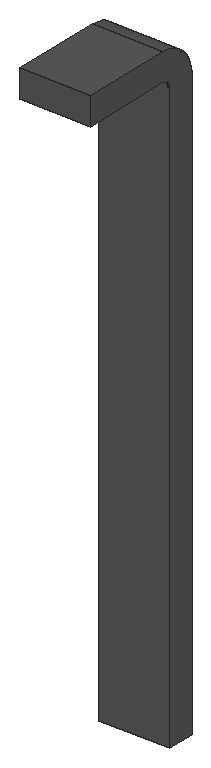
Revit family "0047812 Lighting Fixture_Sylvania_Velite-Electronic-L Range_Surface Mounted", category Lighting Fixtures, host Face, Revit 2017
Family settings
  Host = Face
  Round Connector Dimension = Use Diameter
  Part Type = Normal
  OmniClass Number = 23.80.70.11.17
  OmniClass Title = Specialized Lighting by Location or Use
  Cut with Voids When Loaded = No
  Light Source = Yes
  Shared = No
  Room Calculation Point = No
Parameters (values of type "VELITE L BOLLARD 0.8M BK 3000K")
  Width = 35.0 mm
  Length = Width + 55.0 mm  # 90.0 mm
  Weight = 2.07 kg
  Wattage = 8 W
  built-in parameter 1150110 = 1 (stored number, unit not read)
  Voltage Comments = "UNV (Universal Voltage; 230-240 Volt)"  # constant formula
  Voltage = 240 V  # constant formula
  URL = "http://www.feilosylvania.com/"
  built-in parameter 1114217 = 1 (stored number, unit not read)
  Tilt Angle = 90.00°
  built-in parameter 1150109 = 1 (stored number, unit not read)
  built-in parameter 1150134 = (empty or 0)
  Ta Rating = "-20°C to +45°C"  # constant formula
  built-in parameter 1150113 = 1 (stored number, unit not read)
  Product Page URL = "http://www.feilosylvania.com/product/en-int/products/0047812"
  Product Family = "Velite Electronic L Range"  # constant formula
  Photometry Comments = ""
  Photometric Web File = "0047812_VELITELBOLLARD0.8MBK3000K-209288.ies"
  built-in parameter 1150105 = 45.359 (stored number, unit not read)
  Lumens = 570 lm
  built-in parameter 1150115 = 1 (stored number, unit not read)
  built-in parameter 1150137 = (empty or 0)
  built-in parameter 1150139 = (empty or 0)
  Life = "25 000h"  # constant formula
  built-in parameter 1150112 = 1 (stored number, unit not read)
  built-in parameter 1150114 = 1 (stored number, unit not read)
  Lamp Comments = "Integrated LED"  # constant formula
  built-in parameter 1150132 = 2
  built-in parameter 1150102 = (empty or 0)
  built-in parameter 1150107 = 3000 (stored number, unit not read)
  built-in parameter 1150138 = (empty or 0)
  built-in parameter 1150106 = 0.45359 (stored number, unit not read)
  IP Rating = "IP54"  # constant formula
  IK Rating = "IK05"  # constant formula
  Energy Class = "A++ A+ A"  # constant formula
  Electrical Protection = "CLASS I"  # constant formula
  built-in parameter 1150104 = 6.6193 (stored number, unit not read)
  Drive Current = "300mA"
  Dimming Lamp Color Temperature Shift = <None>
  Color Filter = 16777215
  Catalog Number = "0047812 VELITE L BOLLARD 0.8M BK 3000K"
  Body Material = Aluminum_Sylvania_Velite_Black
  built-in parameter 1114218 = 1 (stored number, unit not read)
  built-in parameter 1150133 = 10 (stored number, unit not read)
  Height = 800.0 mm
  built-in parameter 1114216 [instance] = 1 (stored number, unit not read)
  Model = "VELITE L BOLLARD 0.8M BK 3000K"
  Manufacturer = "Feilo Sylvania"  # constant formula
  Lamp = "LED"
  Diffuser Material = Polycarbonate_Sylvania_Velite_Clear
  Description = "A range of sleek and stylish Outdoor LED luminaires.Velite is perfect for lighting courtyards, gardens and exterior entrances.Design  meets IK05 requirements.Available in various shapes, sizes and colours of die cast aluminium luminaires.Range includes bollards and various wall mounted direct and direct/indirect luminaires.High efficient thermal design: ta -20 to +45oC.High performance: delivers up to 830 lm (luminaire lumen output), and up to 71lm/W (total system efficiency).Available in warm white (3,000K).Energy class: A++, A+, A.Lifetime: 30,000 hours life at 70% of the original output L70."  # constant formula
  Default Elevation = 0.0 mm
  built-in parameter 1140040 [instance] = 1
  Assembly Code = "D5020200"
  Apparent Load Comments = ""
  Apparent Load = 8 VA
Reference planes
  plane 1 "Center (Front/Back)": y = 0
  plane 2 "Fixture Top": z = 0
  plane 3 "Center (Left/Right)": x = 0
  plane 4: x = 45
  plane 5: y = 17.5
  plane 6: x = -45
  plane 7: y = -17.5
  plane 8: x = -43
  plane 9: x = 43
  plane 10: y = 15.5
  plane 11: y = -15.5
  plane 12: z = 800
  plane 13: z = 765
  plane 14: y = -142.5
  plane 15: y = -140.5
  plane 16: z = 767
  plane 17: z = 798
  plane 18: z = 2
  plane 19: y = -79
Forms (mm)
  Extrusion 1, solid, material "Aluminum_Sylvania_Velite_Black" <- "Body Material", detail levels fine
    sketch origin (0, 0, 0) x (1, 0, 0) y (0, 1, 0)
      loop
        line (-43, -17.5) -> (43, -17.5) -> (43, -15.5) -> (-43, -15.5) -> (-43, -17.5)
    from 0 to 767
  Sweep 2, solid, material "Aluminum_Sylvania_Velite_Black" <- "Body Material", detail levels fine
    path origin (0, 0, 0) x (0, 1, 0) y (0, 0, 1)
      loop
        line (-17.5, 0) -> (-17.5, 755)
        arc (-17.5, 755) -> (-20.429, 762.071) -> (-27.5, 765) r 10
        line (-27.5, 765) -> (-140.5, 765)
    profile origin (0, -17.5, 377.5) x (0, -1, 0) y (1, 0, 0)
      loop
        line (-35, -45) -> (0, -45) -> (0, -43) -> (-33, -43) -> (-33, 43) -> (0, 43) -> (0, 45) -> (-35, 45) -> (-35, -45)
  Extrusion 3, solid, material "Aluminum_Sylvania_Velite_Black" <- "Body Material", detail levels fine
    sketch origin (0, 0, 0) x (1, 0, 0) y (0, 0, 1)
      loop
        line (-45, 800) -> (-45, 765) -> (45, 765) -> (45, 800) -> (-45, 800)
    from 140.5 to 142.5
  Extrusion 4, solid, material "Aluminum_Sylvania_Velite_Black" <- "Body Material", detail levels fine
    sketch origin (0, 0, 0) x (1, 0, 0) y (0, 1, 0)
      loop
        line (43, 15.5) -> (-43, 15.5) -> (-43, -15.5) -> (43, -15.5) -> (43, 15.5)
    from 0 to 2
  Extrusion 5, solid, material "Polycarbonate_Sylvania_Velite_Clear" <- "Diffuser Material", detail levels fine
    sketch origin (0, 0, 0) x (1, 0, 0) y (0, 1, 0)
      loop
        line (43, -17.5) -> (-43, -17.5) -> (-43, -140.5) -> (43, -140.5) -> (43, -17.5)
    from 765 to 767
  Extrusion 6, solid, material "Aluminum_Sylvania_Velite_Black" <- "Body Material", detail levels coarse+medium
    sketch origin (0, 0, 0) x (0, 1, 0) y (0, 0, 1)
      loop
        line (17.5, 0) -> (17.5, 800) -> (-142.5, 800) -> (-142.5, 765) -> (-17.5, 765) -> (-17.5, 0) -> (17.5, 0)
    from -45 to 45
Cuts and joins
  joined: Extrusion 1, Sweep 2, Extrusion 3, Extrusion 4
Dimensions and locks
  equal spacing: plane 6, plane 3 "Center (Left/Right)", plane 4
  "Length": plane 6 to plane 4
  equal spacing: plane 7, plane 1 "Center (Front/Back)", plane 5
  "Width": plane 5 to plane 7
  locked: plane 6 to plane 8 at 2
  locked: plane 9 to plane 4 at 2
  locked: plane 5 to plane 10 at 2
  locked: plane 7 to plane 11 at 2
  plane 5 to plane 14 = 160.0 mm
  plane 14 to plane 15 = 2.0 mm
  locked: plane 18 to plane 2 "Fixture Top" at 2
  "Height": plane 12 to plane 2 "Fixture Top"
  equal spacing: plane 7, plane 19, plane 15
  "Width": plane 12 to plane 13
  locked: plane 12 to plane 17 at 2
  plane 16 to imposter light = 2.0 mm
  locked: plane 16 to plane 13 at 2
  aligned and locked: host face to plane 2 "Fixture Top"
  aligned and locked: level to host face
  aligned and locked: Extrusion 1 sketch curve to plane 7
  aligned and locked: plane 11 to Extrusion 1 sketch curve
  aligned and locked: Extrusion 1 to plane 2 "Fixture Top"
  aligned and locked: plane 7 to Sweep 2 sketch curve
  aligned and locked: Sweep 2 sketch curve to plane 13
  aligned and locked: Sweep 2 sketch curve to plane 6
  aligned and locked: Sweep 2 sketch curve to plane 8
  aligned and locked: Sweep 2 sketch curve to plane 4
  aligned and locked: plane 9 to Sweep 2 sketch curve
  aligned and locked: Sweep 2 sketch curve to plane 5
  aligned and locked: Sweep 2 sketch curve to plane 7
  aligned and locked: plane 9 to Extrusion 1 sketch curve
  aligned and locked: Sweep 2 sketch curve to plane 10
  aligned and locked: Extrusion 3 sketch curve to plane 12
  aligned and locked: plane 6 to Extrusion 3 sketch curve
  aligned and locked: Extrusion 3 sketch curve to Sweep 2  (x2)
  aligned and locked: plane 15 to Sweep 2 sketch curve
  aligned and locked: Extrusion 3 to plane 15
  aligned and locked: plane 14 to Extrusion 3
  aligned and locked: plane 2 "Fixture Top" to Sweep 2 sketch curve
  aligned and locked: plane 10 to Extrusion 4 sketch curve
  aligned and locked: Extrusion 4 sketch curve to plane 9
  aligned and locked: plane 11 to Extrusion 4 sketch curve
  aligned and locked: Extrusion 4 sketch curve to plane 8
  aligned and locked: Extrusion 4 to plane 2 "Fixture Top"
  aligned and locked: plane 18 to Extrusion 4
  aligned and locked: Extrusion 5 sketch curve to plane 8
  aligned and locked: plane 15 to Extrusion 5 sketch curve
  aligned and locked: Extrusion 5 sketch curve to plane 9
  aligned and locked: Extrusion 5 to plane 13
  aligned and locked: plane 7 to Extrusion 5
  aligned and locked: imposter light to plane 3 "Center (Left/Right)"
  aligned and locked: imposter light to plane 19
  aligned and locked: plane 13 to imposter light
  aligned and locked: plane 16 to Extrusion 5
  aligned and locked: plane 16 to Extrusion 1
  aligned and locked: plane 2 "Fixture Top" to Extrusion 6 sketch curve
  aligned and locked: plane 5 to Extrusion 6 sketch curve
  aligned and locked: plane 7 to Extrusion 6 sketch curve
  aligned and locked: plane 13 to Extrusion 6 sketch curve
  aligned and locked: plane 12 to Extrusion 6 sketch curve
  aligned and locked: Extrusion 6 sketch curve to plane 14
  aligned and locked: Extrusion 6 to plane 6
  aligned and locked: plane 4 to Extrusion 6
Automatic sketch dimensions
  host sketch curve to host sketch curve = 447.379 mm
  host sketch curve to host sketch curve = 434.165 mm
  Sweep 2 sketch curve to profile plane = 0.0 mm
  Extrusion 1 sketch curve to plane 8 = 0.0 mm
  Sweep 2 sketch curve to plane 7 = 10.0 mm
  Extrusion 5 sketch curve to plane 10 = 33.0 mm
Connectors
  electrical at (0, 0, 0), driven by "Voltage", driven by "Apparent Load"
    settings: on cut or joined group of Extrusion 1, Sweep 2, Extrusion 3, Extrusion 4, index 1, voltage 240 V, apparent load 0 VA, apparent load phase1 8 VA, apparent load phase2 0 VA, apparent load phase3 0 VA, power factor 1, load classification "Lighting", number of poles 1, system type 31, power factor state 1, is connector primary yes, connector utility no, sub classification motor no, connector description ""
